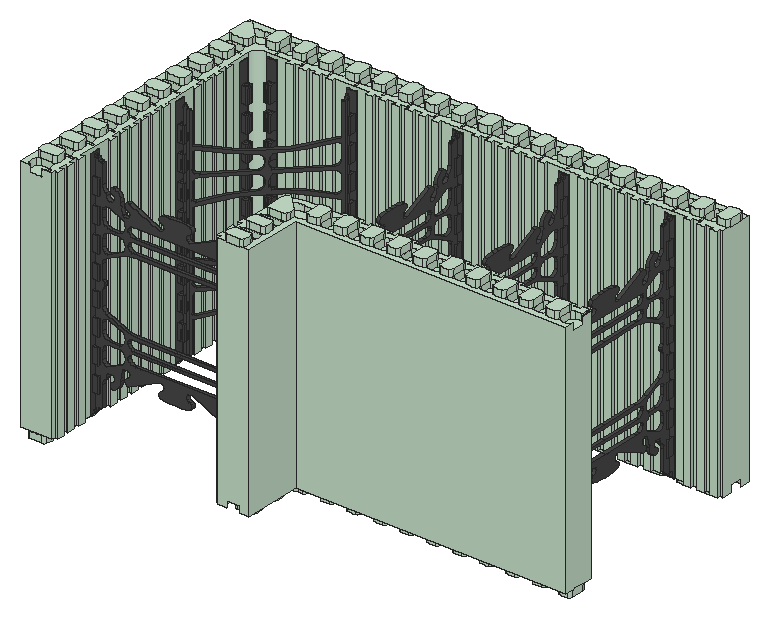
Revit family
Reference planes (in)
  plane 1 "Center (Front/Back)": y = 0
  plane 2: z = 0
  plane 3 "Center (Left/Right)": x = 0
  plane 4: y = -6
  plane 5: y = 6
  plane 6: x = 6
  plane 7: x = -6
  plane 8: x = 29
  plane 9: y = -13
  plane 10: z = 18
  plane 11: x = 8.625
  plane 12: x = -8.625
  plane 13: y = 8.625
Forms (in)
  Extrusion 1, solid, material "NUDURA Expanded Polystyrene Foam Insulation"
    sketch origin (0, 0, 0) x (1, 0, 0) y (0, 1, 0)
      loop
        line (-8.625, 8.625) -> (-8.625, -13) -> (-6.25, -13) -> (-6.25, -12.71883) -> (-6, -12.78117) -> (-6, -12.21883) -> (-6.25, -12.28117) -> (-6.25, -11.71883) -> (-6, -11.78117) -> (-6, -11.21883) -> (-6.25, -11.28117) -> (-6.25, -10.71883) -> (-6, -10.78117) -> (-6, -10.21883) -> (-6.25, -10.28117) -> (-6.25, -7.71883) -> (-6, -7.78117) -> (-6, -7.21883) -> (-6.25, -7.28117) -> (-6.25, -6.71883) -> (-6, -6.78117) -> (-6, -6.21883) -> (-6.25, -6.28117) -> (-6.25, -5.71883) -> (-6, -5.78117) -> (-6, -5.21883) -> (-6.25, -5.28117) -> (-6.25, -4.71883) -> (-6, -4.78117) -> (-6, -4.21883) -> (-6.25, -4.28117) -> (-6.25, -3.71883) -> (-6, -3.78117) -> (-6, -3.21883) -> (-6.25, -3.28117) -> (-6.25, -2.71883) -> (-6, -2.78117) -> (-6, -2.21883) -> (-6.25, -2.28117) -> (-6.25, 0.28117) -> (-6, 0.21883) -> (-6, 0.78117) -> (-6.25, 0.71883) -> (-6.25, 1.28117) -> (-6, 1.21883) -> (-6, 1.78117) -> (-6.25, 1.71883) -> (-6.25, 2.28117) -> (-6, 2.21883) -> (-6, 2.78117) -> (-6.25, 2.71883) -> (-6.25, 3.28117) -> (-6, 3.21883) -> (-6, 3.78117) -> (-6.25, 3.71883) -> (-6.25, 5.51944)
        arc (-6.25, 5.51944) -> (-6.02357, 6.03725) -> (-5.5, 6.25) r 0.75
        line (-5.5, 6.25) -> (-3.71883, 6.25) -> (-3.78117, 6) -> (-3.21883, 6) -> (-3.28117, 6.25) -> (-2.71883, 6.25) -> (-2.78117, 6) -> (-2.21883, 6) -> (-2.28117, 6.25) -> (-1.71883, 6.25) -> (-1.78117, 6) -> (-1.21883, 6) -> (-1.28117, 6.25) -> (-0.71883, 6.25) -> (-0.78117, 6) -> (-0.21883, 6) -> (-0.28117, 6.25) -> (2.28117, 6.25) -> (2.21883, 6) -> (2.78117, 6) -> (2.71883, 6.25) -> (3.28117, 6.25) -> (3.21883, 6) -> (3.78117, 6) -> (3.71883, 6.25) -> (4.28117, 6.25) -> (4.21883, 6) -> (4.78117, 6) -> (4.71883, 6.25) -> (5.28117, 6.25) -> (5.21883, 6) -> (5.78117, 6) -> (5.71883, 6.25) -> (6.28117, 6.25) -> (6.21883, 6) -> (6.78117, 6) -> (6.71883, 6.25) -> (7.28117, 6.25) -> (7.21883, 6) -> (7.78117, 6) -> (7.71883, 6.25) -> (10.28117, 6.25) -> (10.21883, 6) -> (10.78117, 6) -> (10.71883, 6.25) -> (11.28117, 6.25) -> (11.21883, 6) -> (11.78117, 6) -> (11.71883, 6.25) -> (12.28117, 6.25) -> (12.21883, 6) -> (12.78117, 6) -> (12.71883, 6.25) -> (13.28117, 6.25) -> (13.21883, 6) -> (13.78117, 6) -> (13.71883, 6.25) -> (14.28117, 6.25) -> (14.21883, 6) -> (14.78117, 6) -> (14.71883, 6.25) -> (15.28117, 6.25) -> (15.21883, 6) -> (15.78117, 6) -> (15.71883, 6.25) -> (18.28117, 6.25) -> (18.21883, 6) -> (18.78117, 6) -> (18.71883, 6.25) -> (19.28117, 6.25) -> (19.21883, 6) -> (19.78117, 6) -> (19.71883, 6.25) -> (20.28117, 6.25) -> (20.21883, 6) -> (20.78117, 6) -> (20.71883, 6.25) -> (21.28117, 6.25) -> (21.21883, 6) -> (21.78117, 6) -> (21.71883, 6.25) -> (22.28117, 6.25) -> (22.21883, 6) -> (22.78117, 6) -> (22.71883, 6.25) -> (23.28117, 6.25) -> (23.21883, 6) -> (23.78117, 6) -> (23.71883, 6.25) -> (26.28117, 6.25) -> (26.21883, 6) -> (26.78117, 6) -> (26.71883, 6.25) -> (27.28117, 6.25) -> (27.21883, 6) -> (27.78117, 6) -> (27.71883, 6.25) -> (28.28117, 6.25) -> (28.21883, 6) -> (28.78117, 6) -> (28.71883, 6.25) -> (29, 6.25) -> (29, 8.625) -> (-8.625, 8.625)
      loop
        line (8.625, -8.625) -> (29, -8.625) -> (29, -6.25) -> (28.71883, -6.25) -> (28.78117, -6) -> (28.21883, -6) -> (28.28117, -6.25) -> (27.71883, -6.25) -> (27.78117, -6) -> (27.21883, -6) -> (27.28117, -6.25) -> (26.71883, -6.25) -> (26.78117, -6) -> (26.21883, -6) -> (26.28117, -6.25) -> (23.71883, -6.25) -> (23.78117, -6) -> (23.21883, -6) -> (23.28117, -6.25) -> (22.71883, -6.25) -> (22.78117, -6) -> (22.21883, -6) -> (22.28117, -6.25) -> (21.71883, -6.25) -> (21.78117, -6) -> (21.21883, -6) -> (21.28117, -6.25) -> (20.71883, -6.25) -> (20.78117, -6) -> (20.21883, -6) -> (20.28117, -6.25) -> (19.71883, -6.25) -> (19.78117, -6) -> (19.21883, -6) -> (19.28117, -6.25) -> (18.71883, -6.25) -> (18.78117, -6) -> (18.21883, -6) -> (18.28117, -6.25) -> (15.71883, -6.25) -> (15.78117, -6) -> (15.21883, -6) -> (15.28117, -6.25) -> (14.71883, -6.25) -> (14.78117, -6) -> (14.21883, -6) -> (14.28117, -6.25) -> (13.71883, -6.25) -> (13.78117, -6) -> (13.21883, -6) -> (13.28117, -6.25) -> (12.71883, -6.25) -> (12.78117, -6) -> (12.21883, -6) -> (12.28117, -6.25) -> (11.71883, -6.25) -> (11.78117, -6) -> (11.21883, -6) -> (11.28117, -6.25) -> (10.71883, -6.25) -> (10.78117, -6) -> (10.21883, -6) -> (10.28117, -6.25) -> (7.5, -6.25)
        arc (7.5, -6.25) -> (6.61612, -6.61612) -> (6.25, -7.5) r 1.25
        line (6.25, -7.5) -> (6.25, -10.28117) -> (6, -10.21883) -> (6, -10.78117) -> (6.25, -10.71883) -> (6.25, -11.28117) -> (6, -11.21883) -> (6, -11.78117) -> (6.25, -11.71883) -> (6.25, -12.28117) -> (6, -12.21883) -> (6, -12.78117) -> (6.25, -12.71883) -> (6.25, -13) -> (8.625, -13) -> (8.625, -8.625)
    from 0 to 18
  Extrusion 2, solid, material "NUDURA Expanded Polystyrene Foam Insulation"
    sketch origin (3, -3, 0) x (1, 0, 0) y (0, 1, 0)
      loop
        arc (3.6875, -5.5) -> (3.70047, -5.66548) -> (3.73905, -5.82692) r 1.0625
        arc (3.73905, -5.82692) -> (3.82983, -5.95215) -> (3.97692, -6) r 0.25
        line (3.97692, -6) -> (4.89808, -6)
        arc (4.89808, -6) -> (5.04517, -5.95215) -> (5.13595, -5.82692) r 0.25
        arc (5.13595, -5.82692) -> (5.17453, -5.66548) -> (5.1875, -5.5) r 1.0625
        line (5.1875, -5.5) -> (5.1875, -5.1875) -> (3.98039, -3.98039)
        arc (3.98039, -3.98039) -> (3.76362, -4.30482) -> (3.6875, -4.6875) r 1
        line (3.6875, -4.6875) -> (3.6875, -5.5)
    from 18 to 18.5
  Extrusion 3, solid, material "NUDURA Expanded Polystyrene Foam Insulation"
    sketch origin (-3, 3, 0) x (1, 0, 0) y (0, 1, 0)
      loop
        arc (-3.97692, 3) -> (-3.82983, 3.04785) -> (-3.73905, 3.17308) r 0.25
        arc (-3.73905, 3.17308) -> (-3.70047, 3.33452) -> (-3.6875, 3.5) r 1.0625
        line (-3.6875, 3.5) -> (-3.6875, 3.6875) -> (-4.89461, 4.89461)
        arc (-4.89461, 4.89461) -> (-5.11138, 4.57018) -> (-5.1875, 4.1875) r 1
        line (-5.1875, 4.1875) -> (-5.1875, 3.5)
        arc (-5.1875, 3.5) -> (-5.17453, 3.33452) -> (-5.13595, 3.17308) r 1.0625
        arc (-5.13595, 3.17308) -> (-5.04517, 3.04785) -> (-4.89808, 3) r 0.25
        line (-4.89808, 3) -> (-3.97692, 3)
    from 18 to 18.5
  Extrusion 4, void
    sketch origin (-3, 3, 0) x (1, 0, 0) y (0, 1, 0)
      loop
        arc (-5.13595, -9.82692) -> (-5.04517, -9.95215) -> (-4.89808, -10) r 0.25
        line (-4.89808, -10) -> (-3.97692, -10)
        arc (-3.97692, -10) -> (-3.88568, -9.98276) -> (-3.80702, -9.9334) r 0.25
        arc (-3.80702, -9.9334) -> (-3.78736, -9.92106) -> (-3.76455, -9.91675) r 0.0625
        line (-3.76455, -9.91675) -> (-3.41845, -9.91675) -> (-3.41845, -9.74592) -> (-3.64005, -9.74592)
        arc (-3.64005, -9.74592) -> (-3.68771, -9.72385) -> (-3.70172, -9.67323) r 0.0625
        arc (-3.70172, -9.67323) -> (-3.69045, -9.42092) -> (-3.73905, -9.17308) r 1.0625
        arc (-3.73905, -9.17308) -> (-3.82983, -9.04785) -> (-3.97692, -9) r 0.25
        line (-3.97692, -9) -> (-4.89808, -9)
        arc (-4.89808, -9) -> (-5.04517, -9.04785) -> (-5.13595, -9.17308) r 0.25
        arc (-5.13595, -9.17308) -> (-5.1875, -9.5) -> (-5.13595, -9.82692) r 1.0625
    from 18 to 17.5
  Extrusion 5, void
    sketch origin (-3, 5, 0) x (1, 0, 0) y (0, 1, 0)
      loop
        arc (-5.13595, -9.82692) -> (-5.04517, -9.95215) -> (-4.89808, -10) r 0.25
        line (-4.89808, -10) -> (-3.97692, -10)
        arc (-3.97692, -10) -> (-3.88568, -9.98276) -> (-3.80702, -9.9334) r 0.25
        arc (-3.80702, -9.9334) -> (-3.78736, -9.92106) -> (-3.76455, -9.91675) r 0.0625
        line (-3.76455, -9.91675) -> (-3.41845, -9.91675) -> (-3.41845, -9.74592) -> (-3.64005, -9.74592)
        arc (-3.64005, -9.74592) -> (-3.68771, -9.72385) -> (-3.70172, -9.67323) r 0.0625
        arc (-3.70172, -9.67323) -> (-3.69045, -9.42092) -> (-3.73905, -9.17308) r 1.0625
        arc (-3.73905, -9.17308) -> (-3.82983, -9.04785) -> (-3.97692, -9) r 0.25
        line (-3.97692, -9) -> (-4.89808, -9)
        arc (-4.89808, -9) -> (-5.04517, -9.04785) -> (-5.13595, -9.17308) r 0.25
        arc (-5.13595, -9.17308) -> (-5.1875, -9.5) -> (-5.13595, -9.82692) r 1.0625
    from 18 to 17.5
  Extrusion 6, void
    sketch origin (-3, 7, 0) x (1, 0, 0) y (0, 1, 0)
      loop
        arc (-5.13595, -9.82692) -> (-5.04517, -9.95215) -> (-4.89808, -10) r 0.25
        line (-4.89808, -10) -> (-3.97692, -10)
        arc (-3.97692, -10) -> (-3.88568, -9.98276) -> (-3.80702, -9.9334) r 0.25
        arc (-3.80702, -9.9334) -> (-3.78736, -9.92106) -> (-3.76455, -9.91675) r 0.0625
        line (-3.76455, -9.91675) -> (-3.41845, -9.91675) -> (-3.41845, -9.74592) -> (-3.64005, -9.74592)
        arc (-3.64005, -9.74592) -> (-3.68771, -9.72385) -> (-3.70172, -9.67323) r 0.0625
        arc (-3.70172, -9.67323) -> (-3.69045, -9.42092) -> (-3.73905, -9.17308) r 1.0625
        arc (-3.73905, -9.17308) -> (-3.82983, -9.04785) -> (-3.97692, -9) r 0.25
        line (-3.97692, -9) -> (-4.89808, -9)
        arc (-4.89808, -9) -> (-5.04517, -9.04785) -> (-5.13595, -9.17308) r 0.25
        arc (-5.13595, -9.17308) -> (-5.1875, -9.5) -> (-5.13595, -9.82692) r 1.0625
    from 18 to 17.5
  Extrusion 7, void
    sketch origin (-3, 9, 0) x (1, 0, 0) y (0, 1, 0)
      loop
        arc (-5.13595, -9.82692) -> (-5.04517, -9.95215) -> (-4.89808, -10) r 0.25
        line (-4.89808, -10) -> (-3.97692, -10)
        arc (-3.97692, -10) -> (-3.88568, -9.98276) -> (-3.80702, -9.9334) r 0.25
        arc (-3.80702, -9.9334) -> (-3.78736, -9.92106) -> (-3.76455, -9.91675) r 0.0625
        line (-3.76455, -9.91675) -> (-3.41845, -9.91675) -> (-3.41845, -9.74592) -> (-3.64005, -9.74592)
        arc (-3.64005, -9.74592) -> (-3.68771, -9.72385) -> (-3.70172, -9.67323) r 0.0625
        arc (-3.70172, -9.67323) -> (-3.69045, -9.42092) -> (-3.73905, -9.17308) r 1.0625
        arc (-3.73905, -9.17308) -> (-3.82983, -9.04785) -> (-3.97692, -9) r 0.25
        line (-3.97692, -9) -> (-4.89808, -9)
        arc (-4.89808, -9) -> (-5.04517, -9.04785) -> (-5.13595, -9.17308) r 0.25
        arc (-5.13595, -9.17308) -> (-5.1875, -9.5) -> (-5.13595, -9.82692) r 1.0625
    from 18 to 17.5
  Extrusion 8, void
    sketch origin (-3, 11, 0) x (1, 0, 0) y (0, 1, 0)
      loop
        arc (-5.13595, -9.82692) -> (-5.04517, -9.95215) -> (-4.89808, -10) r 0.25
        line (-4.89808, -10) -> (-3.97692, -10)
        arc (-3.97692, -10) -> (-3.88568, -9.98276) -> (-3.80702, -9.9334) r 0.25
        arc (-3.80702, -9.9334) -> (-3.78736, -9.92106) -> (-3.76455, -9.91675) r 0.0625
        line (-3.76455, -9.91675) -> (-3.41845, -9.91675) -> (-3.41845, -9.74592) -> (-3.64005, -9.74592)
        arc (-3.64005, -9.74592) -> (-3.68771, -9.72385) -> (-3.70172, -9.67323) r 0.0625
        arc (-3.70172, -9.67323) -> (-3.69045, -9.42092) -> (-3.73905, -9.17308) r 1.0625
        arc (-3.73905, -9.17308) -> (-3.82983, -9.04785) -> (-3.97692, -9) r 0.25
        line (-3.97692, -9) -> (-4.89808, -9)
        arc (-4.89808, -9) -> (-5.04517, -9.04785) -> (-5.13595, -9.17308) r 0.25
        arc (-5.13595, -9.17308) -> (-5.1875, -9.5) -> (-5.13595, -9.82692) r 1.0625
    from 18 to 17.5
  Extrusion 9, void
    sketch origin (-3, 13, 0) x (1, 0, 0) y (0, 1, 0)
      loop
        arc (-5.13595, -9.82692) -> (-5.04517, -9.95215) -> (-4.89808, -10) r 0.25
        line (-4.89808, -10) -> (-3.97692, -10)
        arc (-3.97692, -10) -> (-3.88568, -9.98276) -> (-3.80702, -9.9334) r 0.25
        arc (-3.80702, -9.9334) -> (-3.78736, -9.92106) -> (-3.76455, -9.91675) r 0.0625
        line (-3.76455, -9.91675) -> (-3.41845, -9.91675) -> (-3.41845, -9.74592) -> (-3.64005, -9.74592)
        arc (-3.64005, -9.74592) -> (-3.68771, -9.72385) -> (-3.70172, -9.67323) r 0.0625
        arc (-3.70172, -9.67323) -> (-3.69045, -9.42092) -> (-3.73905, -9.17308) r 1.0625
        arc (-3.73905, -9.17308) -> (-3.82983, -9.04785) -> (-3.97692, -9) r 0.25
        line (-3.97692, -9) -> (-4.89808, -9)
        arc (-4.89808, -9) -> (-5.04517, -9.04785) -> (-5.13595, -9.17308) r 0.25
        arc (-5.13595, -9.17308) -> (-5.1875, -9.5) -> (-5.13595, -9.82692) r 1.0625
    from 18 to 17.5
  Extrusion 10, void
    sketch origin (-3, 15, 0) x (1, 0, 0) y (0, 1, 0)
      loop
        arc (-5.13595, -9.82692) -> (-5.04517, -9.95215) -> (-4.89808, -10) r 0.25
        line (-4.89808, -10) -> (-3.97692, -10)
        arc (-3.97692, -10) -> (-3.88568, -9.98276) -> (-3.80702, -9.9334) r 0.25
        arc (-3.80702, -9.9334) -> (-3.78736, -9.92106) -> (-3.76455, -9.91675) r 0.0625
        line (-3.76455, -9.91675) -> (-3.41845, -9.91675) -> (-3.41845, -9.74592) -> (-3.64005, -9.74592)
        arc (-3.64005, -9.74592) -> (-3.68771, -9.72385) -> (-3.70172, -9.67323) r 0.0625
        arc (-3.70172, -9.67323) -> (-3.69045, -9.42092) -> (-3.73905, -9.17308) r 1.0625
        arc (-3.73905, -9.17308) -> (-3.82983, -9.04785) -> (-3.97692, -9) r 0.25
        line (-3.97692, -9) -> (-4.89808, -9)
        arc (-4.89808, -9) -> (-5.04517, -9.04785) -> (-5.13595, -9.17308) r 0.25
        arc (-5.13595, -9.17308) -> (-5.1875, -9.5) -> (-5.13595, -9.82692) r 1.0625
    from 18 to 17.5
  Extrusion 11, void
    sketch origin (3, -3, 0) x (1, 0, 0) y (0, 1, 0)
      loop
        line (3.97692, -9) -> (4.89808, -9)
        arc (4.89808, -9) -> (5.04517, -8.95215) -> (5.13595, -8.82692) r 0.25
        arc (5.13595, -8.82692) -> (5.1875, -8.5) -> (5.13595, -8.17308) r 1.0625
        arc (5.13595, -8.17308) -> (5.04517, -8.04785) -> (4.89808, -8) r 0.25
        line (4.89808, -8) -> (3.97692, -8)
        arc (3.97692, -8) -> (3.88568, -8.01724) -> (3.80702, -8.0666) r 0.25
        arc (3.80702, -8.0666) -> (3.78736, -8.07894) -> (3.76455, -8.08325) r 0.0625
        line (3.76455, -8.08325) -> (3.41845, -8.08325) -> (3.41845, -8.25408) -> (3.64005, -8.25408)
        arc (3.64005, -8.25408) -> (3.68771, -8.27615) -> (3.70172, -8.32677) r 0.0625
        arc (3.70172, -8.32677) -> (3.69045, -8.57908) -> (3.73905, -8.82692) r 1.0625
        arc (3.73905, -8.82692) -> (3.82983, -8.95215) -> (3.97692, -9) r 0.25
    from 18 to 17.5
  Extrusion 12, void
    sketch origin (3, -1, 0) x (1, 0, 0) y (0, 1, 0)
      loop
        line (3.97692, -9) -> (4.89808, -9)
        arc (4.89808, -9) -> (5.04517, -8.95215) -> (5.13595, -8.82692) r 0.25
        arc (5.13595, -8.82692) -> (5.1875, -8.5) -> (5.13595, -8.17308) r 1.0625
        arc (5.13595, -8.17308) -> (5.04517, -8.04785) -> (4.89808, -8) r 0.25
        line (4.89808, -8) -> (3.97692, -8)
        arc (3.97692, -8) -> (3.88568, -8.01724) -> (3.80702, -8.0666) r 0.25
        arc (3.80702, -8.0666) -> (3.78736, -8.07894) -> (3.76455, -8.08325) r 0.0625
        line (3.76455, -8.08325) -> (3.41845, -8.08325) -> (3.41845, -8.25408) -> (3.64005, -8.25408)
        arc (3.64005, -8.25408) -> (3.68771, -8.27615) -> (3.70172, -8.32677) r 0.0625
        arc (3.70172, -8.32677) -> (3.69045, -8.57908) -> (3.73905, -8.82692) r 1.0625
        arc (3.73905, -8.82692) -> (3.82983, -8.95215) -> (3.97692, -9) r 0.25
    from 18 to 17.5
  Extrusion 13, void
    sketch origin (-3, 3, 0) x (1, 0, 0) y (0, 1, 0)
      loop
        arc (-4.1875, 5.1875) -> (-4.57018, 5.11138) -> (-4.89461, 4.89461) r 1
        line (-4.89461, 4.89461) -> (-3.6875, 3.6875) -> (-3.5, 3.6875)
        arc (-3.5, 3.6875) -> (-3.33452, 3.70047) -> (-3.17308, 3.73905) r 1.0625
        arc (-3.17308, 3.73905) -> (-3.04785, 3.82983) -> (-3, 3.97692) r 0.25
        line (-3, 3.97692) -> (-3, 4.89808)
        arc (-3, 4.89808) -> (-3.04785, 5.04517) -> (-3.17308, 5.13595) r 0.25
        arc (-3.17308, 5.13595) -> (-3.33452, 5.17453) -> (-3.5, 5.1875) r 1.0625
        line (-3.5, 5.1875) -> (-4.1875, 5.1875)
    from 18 to 17.5
  Extrusion 14, void
    sketch origin (3, -3, 0) x (1, 0, 0) y (0, 1, 0)
      loop
        arc (4.6875, -3.6875) -> (4.30482, -3.76362) -> (3.98039, -3.98039) r 1
        line (3.98039, -3.98039) -> (5.1875, -5.1875) -> (5.5, -5.1875)
        arc (5.5, -5.1875) -> (5.66548, -5.17453) -> (5.82692, -5.13595) r 1.0625
        arc (5.82692, -5.13595) -> (5.95215, -5.04517) -> (6, -4.89808) r 0.25
        line (6, -4.89808) -> (6, -3.97692)
        arc (6, -3.97692) -> (5.98276, -3.88568) -> (5.9334, -3.80702) r 0.25
        arc (5.9334, -3.80702) -> (5.92106, -3.78736) -> (5.91675, -3.76455) r 0.0625
        line (5.91675, -3.76455) -> (5.91675, -3.41845) -> (5.74592, -3.41845) -> (5.74592, -3.64005)
        arc (5.74592, -3.64005) -> (5.72385, -3.68771) -> (5.67323, -3.70172) r 0.0625
        arc (5.67323, -3.70172) -> (5.58691, -3.69106) -> (5.5, -3.6875) r 1.0625
        line (5.5, -3.6875) -> (4.6875, -3.6875)
    from 18 to 17.5
  Extrusion 15, void
    sketch origin (3, -3, 0) x (1, 0, 0) y (0, 1, 0)
      loop
        line (7, -3.97692) -> (7, -4.89808)
        arc (7, -4.89808) -> (7.04785, -5.04517) -> (7.17308, -5.13595) r 0.25
        arc (7.17308, -5.13595) -> (7.5, -5.1875) -> (7.82692, -5.13595) r 1.0625
        arc (7.82692, -5.13595) -> (7.95215, -5.04517) -> (8, -4.89808) r 0.25
        line (8, -4.89808) -> (8, -3.97692)
        arc (8, -3.97692) -> (7.98276, -3.88568) -> (7.9334, -3.80702) r 0.25
        arc (7.9334, -3.80702) -> (7.92106, -3.78736) -> (7.91675, -3.76455) r 0.0625
        line (7.91675, -3.76455) -> (7.91675, -3.41845) -> (7.74592, -3.41845) -> (7.74592, -3.64005)
        arc (7.74592, -3.64005) -> (7.72385, -3.68771) -> (7.67323, -3.70172) r 0.0625
        arc (7.67323, -3.70172) -> (7.42092, -3.69045) -> (7.17308, -3.73905) r 1.0625
        arc (7.17308, -3.73905) -> (7.04785, -3.82983) -> (7, -3.97692) r 0.25
    from 18 to 17.5
  Extrusion 16, void
    sketch origin (5, -3, 0) x (1, 0, 0) y (0, 1, 0)
      loop
        line (7, -3.97692) -> (7, -4.89808)
        arc (7, -4.89808) -> (7.04785, -5.04517) -> (7.17308, -5.13595) r 0.25
        arc (7.17308, -5.13595) -> (7.5, -5.1875) -> (7.82692, -5.13595) r 1.0625
        arc (7.82692, -5.13595) -> (7.95215, -5.04517) -> (8, -4.89808) r 0.25
        line (8, -4.89808) -> (8, -3.97692)
        arc (8, -3.97692) -> (7.98276, -3.88568) -> (7.9334, -3.80702) r 0.25
        arc (7.9334, -3.80702) -> (7.92106, -3.78736) -> (7.91675, -3.76455) r 0.0625
        line (7.91675, -3.76455) -> (7.91675, -3.41845) -> (7.74592, -3.41845) -> (7.74592, -3.64005)
        arc (7.74592, -3.64005) -> (7.72385, -3.68771) -> (7.67323, -3.70172) r 0.0625
        arc (7.67323, -3.70172) -> (7.42092, -3.69045) -> (7.17308, -3.73905) r 1.0625
        arc (7.17308, -3.73905) -> (7.04785, -3.82983) -> (7, -3.97692) r 0.25
    from 18 to 17.5
  Extrusion 17, void
    sketch origin (7, -3, 0) x (1, 0, 0) y (0, 1, 0)
      loop
        line (7, -3.97692) -> (7, -4.89808)
        arc (7, -4.89808) -> (7.04785, -5.04517) -> (7.17308, -5.13595) r 0.25
        arc (7.17308, -5.13595) -> (7.5, -5.1875) -> (7.82692, -5.13595) r 1.0625
        arc (7.82692, -5.13595) -> (7.95215, -5.04517) -> (8, -4.89808) r 0.25
        line (8, -4.89808) -> (8, -3.97692)
        arc (8, -3.97692) -> (7.98276, -3.88568) -> (7.9334, -3.80702) r 0.25
        arc (7.9334, -3.80702) -> (7.92106, -3.78736) -> (7.91675, -3.76455) r 0.0625
        line (7.91675, -3.76455) -> (7.91675, -3.41845) -> (7.74592, -3.41845) -> (7.74592, -3.64005)
        arc (7.74592, -3.64005) -> (7.72385, -3.68771) -> (7.67323, -3.70172) r 0.0625
        arc (7.67323, -3.70172) -> (7.42092, -3.69045) -> (7.17308, -3.73905) r 1.0625
        arc (7.17308, -3.73905) -> (7.04785, -3.82983) -> (7, -3.97692) r 0.25
    from 18 to 17.5
  Extrusion 18, void
    sketch origin (9, -3, 0) x (1, 0, 0) y (0, 1, 0)
      loop
        line (7, -3.97692) -> (7, -4.89808)
        arc (7, -4.89808) -> (7.04785, -5.04517) -> (7.17308, -5.13595) r 0.25
        arc (7.17308, -5.13595) -> (7.5, -5.1875) -> (7.82692, -5.13595) r 1.0625
        arc (7.82692, -5.13595) -> (7.95215, -5.04517) -> (8, -4.89808) r 0.25
        line (8, -4.89808) -> (8, -3.97692)
        arc (8, -3.97692) -> (7.98276, -3.88568) -> (7.9334, -3.80702) r 0.25
        arc (7.9334, -3.80702) -> (7.92106, -3.78736) -> (7.91675, -3.76455) r 0.0625
        line (7.91675, -3.76455) -> (7.91675, -3.41845) -> (7.74592, -3.41845) -> (7.74592, -3.64005)
        arc (7.74592, -3.64005) -> (7.72385, -3.68771) -> (7.67323, -3.70172) r 0.0625
        arc (7.67323, -3.70172) -> (7.42092, -3.69045) -> (7.17308, -3.73905) r 1.0625
        arc (7.17308, -3.73905) -> (7.04785, -3.82983) -> (7, -3.97692) r 0.25
    from 18 to 17.5
  Extrusion 19, void
    sketch origin (11, -3, 0) x (1, 0, 0) y (0, 1, 0)
      loop
        line (7, -3.97692) -> (7, -4.89808)
        arc (7, -4.89808) -> (7.04785, -5.04517) -> (7.17308, -5.13595) r 0.25
        arc (7.17308, -5.13595) -> (7.5, -5.1875) -> (7.82692, -5.13595) r 1.0625
        arc (7.82692, -5.13595) -> (7.95215, -5.04517) -> (8, -4.89808) r 0.25
        line (8, -4.89808) -> (8, -3.97692)
        arc (8, -3.97692) -> (7.98276, -3.88568) -> (7.9334, -3.80702) r 0.25
        arc (7.9334, -3.80702) -> (7.92106, -3.78736) -> (7.91675, -3.76455) r 0.0625
        line (7.91675, -3.76455) -> (7.91675, -3.41845) -> (7.74592, -3.41845) -> (7.74592, -3.64005)
        arc (7.74592, -3.64005) -> (7.72385, -3.68771) -> (7.67323, -3.70172) r 0.0625
        arc (7.67323, -3.70172) -> (7.42092, -3.69045) -> (7.17308, -3.73905) r 1.0625
        arc (7.17308, -3.73905) -> (7.04785, -3.82983) -> (7, -3.97692) r 0.25
    from 18 to 17.5
  Extrusion 20, void
    sketch origin (13, -3, 0) x (1, 0, 0) y (0, 1, 0)
      loop
        line (7, -3.97692) -> (7, -4.89808)
        arc (7, -4.89808) -> (7.04785, -5.04517) -> (7.17308, -5.13595) r 0.25
        arc (7.17308, -5.13595) -> (7.5, -5.1875) -> (7.82692, -5.13595) r 1.0625
        arc (7.82692, -5.13595) -> (7.95215, -5.04517) -> (8, -4.89808) r 0.25
        line (8, -4.89808) -> (8, -3.97692)
        arc (8, -3.97692) -> (7.98276, -3.88568) -> (7.9334, -3.80702) r 0.25
        arc (7.9334, -3.80702) -> (7.92106, -3.78736) -> (7.91675, -3.76455) r 0.0625
        line (7.91675, -3.76455) -> (7.91675, -3.41845) -> (7.74592, -3.41845) -> (7.74592, -3.64005)
        arc (7.74592, -3.64005) -> (7.72385, -3.68771) -> (7.67323, -3.70172) r 0.0625
        arc (7.67323, -3.70172) -> (7.42092, -3.69045) -> (7.17308, -3.73905) r 1.0625
        arc (7.17308, -3.73905) -> (7.04785, -3.82983) -> (7, -3.97692) r 0.25
    from 18 to 17.5
  Extrusion 21, void
    sketch origin (15, -3, 0) x (1, 0, 0) y (0, 1, 0)
      loop
        line (7, -3.97692) -> (7, -4.89808)
        arc (7, -4.89808) -> (7.04785, -5.04517) -> (7.17308, -5.13595) r 0.25
        arc (7.17308, -5.13595) -> (7.5, -5.1875) -> (7.82692, -5.13595) r 1.0625
        arc (7.82692, -5.13595) -> (7.95215, -5.04517) -> (8, -4.89808) r 0.25
        line (8, -4.89808) -> (8, -3.97692)
        arc (8, -3.97692) -> (7.98276, -3.88568) -> (7.9334, -3.80702) r 0.25
        arc (7.9334, -3.80702) -> (7.92106, -3.78736) -> (7.91675, -3.76455) r 0.0625
        line (7.91675, -3.76455) -> (7.91675, -3.41845) -> (7.74592, -3.41845) -> (7.74592, -3.64005)
        arc (7.74592, -3.64005) -> (7.72385, -3.68771) -> (7.67323, -3.70172) r 0.0625
        arc (7.67323, -3.70172) -> (7.42092, -3.69045) -> (7.17308, -3.73905) r 1.0625
        arc (7.17308, -3.73905) -> (7.04785, -3.82983) -> (7, -3.97692) r 0.25
    from 18 to 17.5
  Extrusion 22, void
    sketch origin (17, -3, 0) x (1, 0, 0) y (0, 1, 0)
      loop
        line (7, -3.97692) -> (7, -4.89808)
        arc (7, -4.89808) -> (7.04785, -5.04517) -> (7.17308, -5.13595) r 0.25
        arc (7.17308, -5.13595) -> (7.5, -5.1875) -> (7.82692, -5.13595) r 1.0625
        arc (7.82692, -5.13595) -> (7.95215, -5.04517) -> (8, -4.89808) r 0.25
        line (8, -4.89808) -> (8, -3.97692)
        arc (8, -3.97692) -> (7.98276, -3.88568) -> (7.9334, -3.80702) r 0.25
        arc (7.9334, -3.80702) -> (7.92106, -3.78736) -> (7.91675, -3.76455) r 0.0625
        line (7.91675, -3.76455) -> (7.91675, -3.41845) -> (7.74592, -3.41845) -> (7.74592, -3.64005)
        arc (7.74592, -3.64005) -> (7.72385, -3.68771) -> (7.67323, -3.70172) r 0.0625
        arc (7.67323, -3.70172) -> (7.42092, -3.69045) -> (7.17308, -3.73905) r 1.0625
        arc (7.17308, -3.73905) -> (7.04785, -3.82983) -> (7, -3.97692) r 0.25
    from 18 to 17.5
  Extrusion 23, void
    sketch origin (19, -3, 0) x (1, 0, 0) y (0, 1, 0)
      loop
        line (7, -3.97692) -> (7, -4.89808)
        arc (7, -4.89808) -> (7.04785, -5.04517) -> (7.17308, -5.13595) r 0.25
        arc (7.17308, -5.13595) -> (7.5, -5.1875) -> (7.82692, -5.13595) r 1.0625
        arc (7.82692, -5.13595) -> (7.95215, -5.04517) -> (8, -4.89808) r 0.25
        line (8, -4.89808) -> (8, -3.97692)
        arc (8, -3.97692) -> (7.98276, -3.88568) -> (7.9334, -3.80702) r 0.25
        arc (7.9334, -3.80702) -> (7.92106, -3.78736) -> (7.91675, -3.76455) r 0.0625
        line (7.91675, -3.76455) -> (7.91675, -3.41845) -> (7.74592, -3.41845) -> (7.74592, -3.64005)
        arc (7.74592, -3.64005) -> (7.72385, -3.68771) -> (7.67323, -3.70172) r 0.0625
        arc (7.67323, -3.70172) -> (7.42092, -3.69045) -> (7.17308, -3.73905) r 1.0625
        arc (7.17308, -3.73905) -> (7.04785, -3.82983) -> (7, -3.97692) r 0.25
    from 18 to 17.5
  Extrusion 24, void
    sketch origin (21, -3, 0) x (1, 0, 0) y (0, 1, 0)
      loop
        line (7, -3.97692) -> (7, -4.89808)
        arc (7, -4.89808) -> (7.04785, -5.04517) -> (7.17308, -5.13595) r 0.25
        arc (7.17308, -5.13595) -> (7.5, -5.1875) -> (7.82692, -5.13595) r 1.0625
        arc (7.82692, -5.13595) -> (7.95215, -5.04517) -> (8, -4.89808) r 0.25
        line (8, -4.89808) -> (8, -3.97692)
        arc (8, -3.97692) -> (7.98276, -3.88568) -> (7.9334, -3.80702) r 0.25
        arc (7.9334, -3.80702) -> (7.92106, -3.78736) -> (7.91675, -3.76455) r 0.0625
        line (7.91675, -3.76455) -> (7.91675, -3.41845) -> (7.74592, -3.41845) -> (7.74592, -3.64005)
        arc (7.74592, -3.64005) -> (7.72385, -3.68771) -> (7.67323, -3.70172) r 0.0625
        arc (7.67323, -3.70172) -> (7.42092, -3.69045) -> (7.17308, -3.73905) r 1.0625
        arc (7.17308, -3.73905) -> (7.04785, -3.82983) -> (7, -3.97692) r 0.25
    from 18 to 17.5
  Extrusion 25, void
    sketch origin (-3, 3, 0) x (1, 0, 0) y (0, 1, 0)
      loop
        arc (-1.82692, 5.13595) -> (-1.95215, 5.04517) -> (-2, 4.89808) r 0.25
        line (-2, 4.89808) -> (-2, 3.97692)
        arc (-2, 3.97692) -> (-1.98276, 3.88568) -> (-1.9334, 3.80702) r 0.25
        arc (-1.9334, 3.80702) -> (-1.92106, 3.78736) -> (-1.91675, 3.76455) r 0.0625
        line (-1.91675, 3.76455) -> (-1.91675, 3.41845) -> (-1.74592, 3.41845) -> (-1.74592, 3.64005)
        arc (-1.74592, 3.64005) -> (-1.72385, 3.68771) -> (-1.67323, 3.70172) r 0.0625
        arc (-1.67323, 3.70172) -> (-1.42092, 3.69045) -> (-1.17308, 3.73905) r 1.0625
        arc (-1.17308, 3.73905) -> (-1.04785, 3.82983) -> (-1, 3.97692) r 0.25
        line (-1, 3.97692) -> (-1, 4.89808)
        arc (-1, 4.89808) -> (-1.04785, 5.04517) -> (-1.17308, 5.13595) r 0.25
        arc (-1.17308, 5.13595) -> (-1.5, 5.1875) -> (-1.82692, 5.13595) r 1.0625
    from 18 to 17.5
  Extrusion 26, void
    sketch origin (-1, 3, 0) x (1, 0, 0) y (0, 1, 0)
      loop
        arc (-1.82692, 5.13595) -> (-1.95215, 5.04517) -> (-2, 4.89808) r 0.25
        line (-2, 4.89808) -> (-2, 3.97692)
        arc (-2, 3.97692) -> (-1.98276, 3.88568) -> (-1.9334, 3.80702) r 0.25
        arc (-1.9334, 3.80702) -> (-1.92106, 3.78736) -> (-1.91675, 3.76455) r 0.0625
        line (-1.91675, 3.76455) -> (-1.91675, 3.41845) -> (-1.74592, 3.41845) -> (-1.74592, 3.64005)
        arc (-1.74592, 3.64005) -> (-1.72385, 3.68771) -> (-1.67323, 3.70172) r 0.0625
        arc (-1.67323, 3.70172) -> (-1.42092, 3.69045) -> (-1.17308, 3.73905) r 1.0625
        arc (-1.17308, 3.73905) -> (-1.04785, 3.82983) -> (-1, 3.97692) r 0.25
        line (-1, 3.97692) -> (-1, 4.89808)
        arc (-1, 4.89808) -> (-1.04785, 5.04517) -> (-1.17308, 5.13595) r 0.25
        arc (-1.17308, 5.13595) -> (-1.5, 5.1875) -> (-1.82692, 5.13595) r 1.0625
    from 18 to 17.5
  Extrusion 27, void
    sketch origin (1, 3, 0) x (1, 0, 0) y (0, 1, 0)
      loop
        arc (-1.82692, 5.13595) -> (-1.95215, 5.04517) -> (-2, 4.89808) r 0.25
        line (-2, 4.89808) -> (-2, 3.97692)
        arc (-2, 3.97692) -> (-1.98276, 3.88568) -> (-1.9334, 3.80702) r 0.25
        arc (-1.9334, 3.80702) -> (-1.92106, 3.78736) -> (-1.91675, 3.76455) r 0.0625
        line (-1.91675, 3.76455) -> (-1.91675, 3.41845) -> (-1.74592, 3.41845) -> (-1.74592, 3.64005)
        arc (-1.74592, 3.64005) -> (-1.72385, 3.68771) -> (-1.67323, 3.70172) r 0.0625
        arc (-1.67323, 3.70172) -> (-1.42092, 3.69045) -> (-1.17308, 3.73905) r 1.0625
        arc (-1.17308, 3.73905) -> (-1.04785, 3.82983) -> (-1, 3.97692) r 0.25
        line (-1, 3.97692) -> (-1, 4.89808)
        arc (-1, 4.89808) -> (-1.04785, 5.04517) -> (-1.17308, 5.13595) r 0.25
        arc (-1.17308, 5.13595) -> (-1.5, 5.1875) -> (-1.82692, 5.13595) r 1.0625
    from 18 to 17.5
  Extrusion 28, void
    sketch origin (3, 3, 0) x (1, 0, 0) y (0, 1, 0)
      loop
        arc (-1.82692, 5.13595) -> (-1.95215, 5.04517) -> (-2, 4.89808) r 0.25
        line (-2, 4.89808) -> (-2, 3.97692)
        arc (-2, 3.97692) -> (-1.98276, 3.88568) -> (-1.9334, 3.80702) r 0.25
        arc (-1.9334, 3.80702) -> (-1.92106, 3.78736) -> (-1.91675, 3.76455) r 0.0625
        line (-1.91675, 3.76455) -> (-1.91675, 3.41845) -> (-1.74592, 3.41845) -> (-1.74592, 3.64005)
        arc (-1.74592, 3.64005) -> (-1.72385, 3.68771) -> (-1.67323, 3.70172) r 0.0625
        arc (-1.67323, 3.70172) -> (-1.42092, 3.69045) -> (-1.17308, 3.73905) r 1.0625
        arc (-1.17308, 3.73905) -> (-1.04785, 3.82983) -> (-1, 3.97692) r 0.25
        line (-1, 3.97692) -> (-1, 4.89808)
        arc (-1, 4.89808) -> (-1.04785, 5.04517) -> (-1.17308, 5.13595) r 0.25
        arc (-1.17308, 5.13595) -> (-1.5, 5.1875) -> (-1.82692, 5.13595) r 1.0625
    from 18 to 17.5
  Extrusion 29, void
    sketch origin (5, 3, 0) x (1, 0, 0) y (0, 1, 0)
      loop
        arc (-1.82692, 5.13595) -> (-1.95215, 5.04517) -> (-2, 4.89808) r 0.25
        line (-2, 4.89808) -> (-2, 3.97692)
        arc (-2, 3.97692) -> (-1.98276, 3.88568) -> (-1.9334, 3.80702) r 0.25
        arc (-1.9334, 3.80702) -> (-1.92106, 3.78736) -> (-1.91675, 3.76455) r 0.0625
        line (-1.91675, 3.76455) -> (-1.91675, 3.41845) -> (-1.74592, 3.41845) -> (-1.74592, 3.64005)
        arc (-1.74592, 3.64005) -> (-1.72385, 3.68771) -> (-1.67323, 3.70172) r 0.0625
        arc (-1.67323, 3.70172) -> (-1.42092, 3.69045) -> (-1.17308, 3.73905) r 1.0625
        arc (-1.17308, 3.73905) -> (-1.04785, 3.82983) -> (-1, 3.97692) r 0.25
        line (-1, 3.97692) -> (-1, 4.89808)
        arc (-1, 4.89808) -> (-1.04785, 5.04517) -> (-1.17308, 5.13595) r 0.25
        arc (-1.17308, 5.13595) -> (-1.5, 5.1875) -> (-1.82692, 5.13595) r 1.0625
    from 18 to 17.5
  Extrusion 30, void
    sketch origin (7, 3, 0) x (1, 0, 0) y (0, 1, 0)
      loop
        arc (-1.82692, 5.13595) -> (-1.95215, 5.04517) -> (-2, 4.89808) r 0.25
        line (-2, 4.89808) -> (-2, 3.97692)
        arc (-2, 3.97692) -> (-1.98276, 3.88568) -> (-1.9334, 3.80702) r 0.25
        arc (-1.9334, 3.80702) -> (-1.92106, 3.78736) -> (-1.91675, 3.76455) r 0.0625
        line (-1.91675, 3.76455) -> (-1.91675, 3.41845) -> (-1.74592, 3.41845) -> (-1.74592, 3.64005)
        arc (-1.74592, 3.64005) -> (-1.72385, 3.68771) -> (-1.67323, 3.70172) r 0.0625
        arc (-1.67323, 3.70172) -> (-1.42092, 3.69045) -> (-1.17308, 3.73905) r 1.0625
        arc (-1.17308, 3.73905) -> (-1.04785, 3.82983) -> (-1, 3.97692) r 0.25
        line (-1, 3.97692) -> (-1, 4.89808)
        arc (-1, 4.89808) -> (-1.04785, 5.04517) -> (-1.17308, 5.13595) r 0.25
        arc (-1.17308, 5.13595) -> (-1.5, 5.1875) -> (-1.82692, 5.13595) r 1.0625
    from 18 to 17.5
  Extrusion 31, void
    sketch origin (9, 3, 0) x (1, 0, 0) y (0, 1, 0)
      loop
        arc (-1.82692, 5.13595) -> (-1.95215, 5.04517) -> (-2, 4.89808) r 0.25
        line (-2, 4.89808) -> (-2, 3.97692)
        arc (-2, 3.97692) -> (-1.98276, 3.88568) -> (-1.9334, 3.80702) r 0.25
        arc (-1.9334, 3.80702) -> (-1.92106, 3.78736) -> (-1.91675, 3.76455) r 0.0625
        line (-1.91675, 3.76455) -> (-1.91675, 3.41845) -> (-1.74592, 3.41845) -> (-1.74592, 3.64005)
        arc (-1.74592, 3.64005) -> (-1.72385, 3.68771) -> (-1.67323, 3.70172) r 0.0625
        arc (-1.67323, 3.70172) -> (-1.42092, 3.69045) -> (-1.17308, 3.73905) r 1.0625
        arc (-1.17308, 3.73905) -> (-1.04785, 3.82983) -> (-1, 3.97692) r 0.25
        line (-1, 3.97692) -> (-1, 4.89808)
        arc (-1, 4.89808) -> (-1.04785, 5.04517) -> (-1.17308, 5.13595) r 0.25
        arc (-1.17308, 5.13595) -> (-1.5, 5.1875) -> (-1.82692, 5.13595) r 1.0625
    from 18 to 17.5
  Extrusion 32, void
    sketch origin (11, 3, 0) x (1, 0, 0) y (0, 1, 0)
      loop
        arc (-1.82692, 5.13595) -> (-1.95215, 5.04517) -> (-2, 4.89808) r 0.25
        line (-2, 4.89808) -> (-2, 3.97692)
        arc (-2, 3.97692) -> (-1.98276, 3.88568) -> (-1.9334, 3.80702) r 0.25
        arc (-1.9334, 3.80702) -> (-1.92106, 3.78736) -> (-1.91675, 3.76455) r 0.0625
        line (-1.91675, 3.76455) -> (-1.91675, 3.41845) -> (-1.74592, 3.41845) -> (-1.74592, 3.64005)
        arc (-1.74592, 3.64005) -> (-1.72385, 3.68771) -> (-1.67323, 3.70172) r 0.0625
        arc (-1.67323, 3.70172) -> (-1.42092, 3.69045) -> (-1.17308, 3.73905) r 1.0625
        arc (-1.17308, 3.73905) -> (-1.04785, 3.82983) -> (-1, 3.97692) r 0.25
        line (-1, 3.97692) -> (-1, 4.89808)
        arc (-1, 4.89808) -> (-1.04785, 5.04517) -> (-1.17308, 5.13595) r 0.25
        arc (-1.17308, 5.13595) -> (-1.5, 5.1875) -> (-1.82692, 5.13595) r 1.0625
    from 18 to 17.5
  Extrusion 33, void
    sketch origin (13, 3, 0) x (1, 0, 0) y (0, 1, 0)
      loop
        arc (-1.82692, 5.13595) -> (-1.95215, 5.04517) -> (-2, 4.89808) r 0.25
        line (-2, 4.89808) -> (-2, 3.97692)
        arc (-2, 3.97692) -> (-1.98276, 3.88568) -> (-1.9334, 3.80702) r 0.25
        arc (-1.9334, 3.80702) -> (-1.92106, 3.78736) -> (-1.91675, 3.76455) r 0.0625
        line (-1.91675, 3.76455) -> (-1.91675, 3.41845) -> (-1.74592, 3.41845) -> (-1.74592, 3.64005)
        arc (-1.74592, 3.64005) -> (-1.72385, 3.68771) -> (-1.67323, 3.70172) r 0.0625
        arc (-1.67323, 3.70172) -> (-1.42092, 3.69045) -> (-1.17308, 3.73905) r 1.0625
        arc (-1.17308, 3.73905) -> (-1.04785, 3.82983) -> (-1, 3.97692) r 0.25
        line (-1, 3.97692) -> (-1, 4.89808)
        arc (-1, 4.89808) -> (-1.04785, 5.04517) -> (-1.17308, 5.13595) r 0.25
        arc (-1.17308, 5.13595) -> (-1.5, 5.1875) -> (-1.82692, 5.13595) r 1.0625
    from 18 to 17.5
  Extrusion 34, void
    sketch origin (15, 3, 0) x (1, 0, 0) y (0, 1, 0)
      loop
        arc (-1.82692, 5.13595) -> (-1.95215, 5.04517) -> (-2, 4.89808) r 0.25
        line (-2, 4.89808) -> (-2, 3.97692)
        arc (-2, 3.97692) -> (-1.98276, 3.88568) -> (-1.9334, 3.80702) r 0.25
        arc (-1.9334, 3.80702) -> (-1.92106, 3.78736) -> (-1.91675, 3.76455) r 0.0625
        line (-1.91675, 3.76455) -> (-1.91675, 3.41845) -> (-1.74592, 3.41845) -> (-1.74592, 3.64005)
        arc (-1.74592, 3.64005) -> (-1.72385, 3.68771) -> (-1.67323, 3.70172) r 0.0625
        arc (-1.67323, 3.70172) -> (-1.42092, 3.69045) -> (-1.17308, 3.73905) r 1.0625
        arc (-1.17308, 3.73905) -> (-1.04785, 3.82983) -> (-1, 3.97692) r 0.25
        line (-1, 3.97692) -> (-1, 4.89808)
        arc (-1, 4.89808) -> (-1.04785, 5.04517) -> (-1.17308, 5.13595) r 0.25
        arc (-1.17308, 5.13595) -> (-1.5, 5.1875) -> (-1.82692, 5.13595) r 1.0625
    from 18 to 17.5
  Extrusion 35, void
    sketch origin (17, 3, 0) x (1, 0, 0) y (0, 1, 0)
      loop
        arc (-1.82692, 5.13595) -> (-1.95215, 5.04517) -> (-2, 4.89808) r 0.25
        line (-2, 4.89808) -> (-2, 3.97692)
        arc (-2, 3.97692) -> (-1.98276, 3.88568) -> (-1.9334, 3.80702) r 0.25
        arc (-1.9334, 3.80702) -> (-1.92106, 3.78736) -> (-1.91675, 3.76455) r 0.0625
        line (-1.91675, 3.76455) -> (-1.91675, 3.41845) -> (-1.74592, 3.41845) -> (-1.74592, 3.64005)
        arc (-1.74592, 3.64005) -> (-1.72385, 3.68771) -> (-1.67323, 3.70172) r 0.0625
        arc (-1.67323, 3.70172) -> (-1.42092, 3.69045) -> (-1.17308, 3.73905) r 1.0625
        arc (-1.17308, 3.73905) -> (-1.04785, 3.82983) -> (-1, 3.97692) r 0.25
        line (-1, 3.97692) -> (-1, 4.89808)
        arc (-1, 4.89808) -> (-1.04785, 5.04517) -> (-1.17308, 5.13595) r 0.25
        arc (-1.17308, 5.13595) -> (-1.5, 5.1875) -> (-1.82692, 5.13595) r 1.0625
    from 18 to 17.5
  Extrusion 36, void
    sketch origin (19, 3, 0) x (1, 0, 0) y (0, 1, 0)
      loop
        arc (-1.82692, 5.13595) -> (-1.95215, 5.04517) -> (-2, 4.89808) r 0.25
        line (-2, 4.89808) -> (-2, 3.97692)
        arc (-2, 3.97692) -> (-1.98276, 3.88568) -> (-1.9334, 3.80702) r 0.25
        arc (-1.9334, 3.80702) -> (-1.92106, 3.78736) -> (-1.91675, 3.76455) r 0.0625
        line (-1.91675, 3.76455) -> (-1.91675, 3.41845) -> (-1.74592, 3.41845) -> (-1.74592, 3.64005)
        arc (-1.74592, 3.64005) -> (-1.72385, 3.68771) -> (-1.67323, 3.70172) r 0.0625
        arc (-1.67323, 3.70172) -> (-1.42092, 3.69045) -> (-1.17308, 3.73905) r 1.0625
        arc (-1.17308, 3.73905) -> (-1.04785, 3.82983) -> (-1, 3.97692) r 0.25
        line (-1, 3.97692) -> (-1, 4.89808)
        arc (-1, 4.89808) -> (-1.04785, 5.04517) -> (-1.17308, 5.13595) r 0.25
        arc (-1.17308, 5.13595) -> (-1.5, 5.1875) -> (-1.82692, 5.13595) r 1.0625
    from 18 to 17.5
  Extrusion 37, void
    sketch origin (21, 3, 0) x (1, 0, 0) y (0, 1, 0)
      loop
        arc (-1.82692, 5.13595) -> (-1.95215, 5.04517) -> (-2, 4.89808) r 0.25
        line (-2, 4.89808) -> (-2, 3.97692)
        arc (-2, 3.97692) -> (-1.98276, 3.88568) -> (-1.9334, 3.80702) r 0.25
        arc (-1.9334, 3.80702) -> (-1.92106, 3.78736) -> (-1.91675, 3.76455) r 0.0625
        line (-1.91675, 3.76455) -> (-1.91675, 3.41845) -> (-1.74592, 3.41845) -> (-1.74592, 3.64005)
        arc (-1.74592, 3.64005) -> (-1.72385, 3.68771) -> (-1.67323, 3.70172) r 0.0625
        arc (-1.67323, 3.70172) -> (-1.42092, 3.69045) -> (-1.17308, 3.73905) r 1.0625
        arc (-1.17308, 3.73905) -> (-1.04785, 3.82983) -> (-1, 3.97692) r 0.25
        line (-1, 3.97692) -> (-1, 4.89808)
        arc (-1, 4.89808) -> (-1.04785, 5.04517) -> (-1.17308, 5.13595) r 0.25
        arc (-1.17308, 5.13595) -> (-1.5, 5.1875) -> (-1.82692, 5.13595) r 1.0625
    from 18 to 17.5
  Extrusion 38, void
    sketch origin (23, 3, 0) x (1, 0, 0) y (0, 1, 0)
      loop
        arc (-1.82692, 5.13595) -> (-1.95215, 5.04517) -> (-2, 4.89808) r 0.25
        line (-2, 4.89808) -> (-2, 3.97692)
        arc (-2, 3.97692) -> (-1.98276, 3.88568) -> (-1.9334, 3.80702) r 0.25
        arc (-1.9334, 3.80702) -> (-1.92106, 3.78736) -> (-1.91675, 3.76455) r 0.0625
        line (-1.91675, 3.76455) -> (-1.91675, 3.41845) -> (-1.74592, 3.41845) -> (-1.74592, 3.64005)
        arc (-1.74592, 3.64005) -> (-1.72385, 3.68771) -> (-1.67323, 3.70172) r 0.0625
        arc (-1.67323, 3.70172) -> (-1.42092, 3.69045) -> (-1.17308, 3.73905) r 1.0625
        arc (-1.17308, 3.73905) -> (-1.04785, 3.82983) -> (-1, 3.97692) r 0.25
        line (-1, 3.97692) -> (-1, 4.89808)
        arc (-1, 4.89808) -> (-1.04785, 5.04517) -> (-1.17308, 5.13595) r 0.25
        arc (-1.17308, 5.13595) -> (-1.5, 5.1875) -> (-1.82692, 5.13595) r 1.0625
    from 18 to 17.5
  Extrusion 39, void
    sketch origin (-3, 6.40791, 0) x (1, 0, 0) y (0, 1, 0)
      loop
        arc (-5.13595, -11.58099) -> (-5.1875, -11.90791) -> (-5.13595, -12.23483) r 1.0625
        arc (-5.13595, -12.23483) -> (-5.04517, -12.36006) -> (-4.89808, -12.40791) r 0.25
        line (-4.89808, -12.40791) -> (-3.97692, -12.40791)
        arc (-3.97692, -12.40791) -> (-3.82983, -12.36006) -> (-3.73905, -12.23483) r 0.25
        arc (-3.73905, -12.23483) -> (-3.69045, -11.98699) -> (-3.70172, -11.73468) r 1.0625
        arc (-3.70172, -11.73468) -> (-3.68771, -11.68406) -> (-3.64005, -11.66199) r 0.0625
        line (-3.64005, -11.66199) -> (-3.41845, -11.66199) -> (-3.41845, -11.49116) -> (-3.76455, -11.49116)
        arc (-3.76455, -11.49116) -> (-3.78736, -11.48685) -> (-3.80702, -11.47451) r 0.0625
        arc (-3.80702, -11.47451) -> (-3.88568, -11.42516) -> (-3.97692, -11.40791) r 0.25
        line (-3.97692, -11.40791) -> (-4.89808, -11.40791)
        arc (-4.89808, -11.40791) -> (-5.04517, -11.45576) -> (-5.13595, -11.58099) r 0.25
    from 0 to 0.5
  Extrusion 40, void
    sketch origin (-3, 8.40791, 0) x (1, 0, 0) y (0, 1, 0)
      loop
        arc (-5.13595, -11.58099) -> (-5.1875, -11.90791) -> (-5.13595, -12.23483) r 1.0625
        arc (-5.13595, -12.23483) -> (-5.04517, -12.36006) -> (-4.89808, -12.40791) r 0.25
        line (-4.89808, -12.40791) -> (-3.97692, -12.40791)
        arc (-3.97692, -12.40791) -> (-3.82983, -12.36006) -> (-3.73905, -12.23483) r 0.25
        arc (-3.73905, -12.23483) -> (-3.69045, -11.98699) -> (-3.70172, -11.73468) r 1.0625
        arc (-3.70172, -11.73468) -> (-3.68771, -11.68406) -> (-3.64005, -11.66199) r 0.0625
        line (-3.64005, -11.66199) -> (-3.41845, -11.66199) -> (-3.41845, -11.49116) -> (-3.76455, -11.49116)
        arc (-3.76455, -11.49116) -> (-3.78736, -11.48685) -> (-3.80702, -11.47451) r 0.0625
        arc (-3.80702, -11.47451) -> (-3.88568, -11.42516) -> (-3.97692, -11.40791) r 0.25
        line (-3.97692, -11.40791) -> (-4.89808, -11.40791)
        arc (-4.89808, -11.40791) -> (-5.04517, -11.45576) -> (-5.13595, -11.58099) r 0.25
    from 0 to 0.5
  Extrusion 41, void
    sketch origin (-3, 10.40791, 0) x (1, 0, 0) y (0, 1, 0)
      loop
        arc (-5.13595, -11.58099) -> (-5.1875, -11.90791) -> (-5.13595, -12.23483) r 1.0625
        arc (-5.13595, -12.23483) -> (-5.04517, -12.36006) -> (-4.89808, -12.40791) r 0.25
        line (-4.89808, -12.40791) -> (-3.97692, -12.40791)
        arc (-3.97692, -12.40791) -> (-3.82983, -12.36006) -> (-3.73905, -12.23483) r 0.25
        arc (-3.73905, -12.23483) -> (-3.69045, -11.98699) -> (-3.70172, -11.73468) r 1.0625
        arc (-3.70172, -11.73468) -> (-3.68771, -11.68406) -> (-3.64005, -11.66199) r 0.0625
        line (-3.64005, -11.66199) -> (-3.41845, -11.66199) -> (-3.41845, -11.49116) -> (-3.76455, -11.49116)
        arc (-3.76455, -11.49116) -> (-3.78736, -11.48685) -> (-3.80702, -11.47451) r 0.0625
        arc (-3.80702, -11.47451) -> (-3.88568, -11.42516) -> (-3.97692, -11.40791) r 0.25
        line (-3.97692, -11.40791) -> (-4.89808, -11.40791)
        arc (-4.89808, -11.40791) -> (-5.04517, -11.45576) -> (-5.13595, -11.58099) r 0.25
    from 0 to 0.5
  Extrusion 42, void
    sketch origin (-3, 12.40791, 0) x (1, 0, 0) y (0, 1, 0)
      loop
        arc (-5.13595, -11.58099) -> (-5.1875, -11.90791) -> (-5.13595, -12.23483) r 1.0625
        arc (-5.13595, -12.23483) -> (-5.04517, -12.36006) -> (-4.89808, -12.40791) r 0.25
        line (-4.89808, -12.40791) -> (-3.97692, -12.40791)
        arc (-3.97692, -12.40791) -> (-3.82983, -12.36006) -> (-3.73905, -12.23483) r 0.25
        arc (-3.73905, -12.23483) -> (-3.69045, -11.98699) -> (-3.70172, -11.73468) r 1.0625
        arc (-3.70172, -11.73468) -> (-3.68771, -11.68406) -> (-3.64005, -11.66199) r 0.0625
        line (-3.64005, -11.66199) -> (-3.41845, -11.66199) -> (-3.41845, -11.49116) -> (-3.76455, -11.49116)
        arc (-3.76455, -11.49116) -> (-3.78736, -11.48685) -> (-3.80702, -11.47451) r 0.0625
        arc (-3.80702, -11.47451) -> (-3.88568, -11.42516) -> (-3.97692, -11.40791) r 0.25
        line (-3.97692, -11.40791) -> (-4.89808, -11.40791)
        arc (-4.89808, -11.40791) -> (-5.04517, -11.45576) -> (-5.13595, -11.58099) r 0.25
    from 0 to 0.5
  Extrusion 43, void
    sketch origin (-3, 14.40791, 0) x (1, 0, 0) y (0, 1, 0)
      loop
        arc (-5.13595, -11.58099) -> (-5.1875, -11.90791) -> (-5.13595, -12.23483) r 1.0625
        arc (-5.13595, -12.23483) -> (-5.04517, -12.36006) -> (-4.89808, -12.40791) r 0.25
        line (-4.89808, -12.40791) -> (-3.97692, -12.40791)
        arc (-3.97692, -12.40791) -> (-3.82983, -12.36006) -> (-3.73905, -12.23483) r 0.25
        arc (-3.73905, -12.23483) -> (-3.69045, -11.98699) -> (-3.70172, -11.73468) r 1.0625
        arc (-3.70172, -11.73468) -> (-3.68771, -11.68406) -> (-3.64005, -11.66199) r 0.0625
        line (-3.64005, -11.66199) -> (-3.41845, -11.66199) -> (-3.41845, -11.49116) -> (-3.76455, -11.49116)
        arc (-3.76455, -11.49116) -> (-3.78736, -11.48685) -> (-3.80702, -11.47451) r 0.0625
        arc (-3.80702, -11.47451) -> (-3.88568, -11.42516) -> (-3.97692, -11.40791) r 0.25
        line (-3.97692, -11.40791) -> (-4.89808, -11.40791)
        arc (-4.89808, -11.40791) -> (-5.04517, -11.45576) -> (-5.13595, -11.58099) r 0.25
    from 0 to 0.5
  Extrusion 44, void
    sketch origin (-3, 16.40791, 0) x (1, 0, 0) y (0, 1, 0)
      loop
        arc (-5.13595, -11.58099) -> (-5.1875, -11.90791) -> (-5.13595, -12.23483) r 1.0625
        arc (-5.13595, -12.23483) -> (-5.04517, -12.36006) -> (-4.89808, -12.40791) r 0.25
        line (-4.89808, -12.40791) -> (-3.97692, -12.40791)
        arc (-3.97692, -12.40791) -> (-3.82983, -12.36006) -> (-3.73905, -12.23483) r 0.25
        arc (-3.73905, -12.23483) -> (-3.69045, -11.98699) -> (-3.70172, -11.73468) r 1.0625
        arc (-3.70172, -11.73468) -> (-3.68771, -11.68406) -> (-3.64005, -11.66199) r 0.0625
        line (-3.64005, -11.66199) -> (-3.41845, -11.66199) -> (-3.41845, -11.49116) -> (-3.76455, -11.49116)
        arc (-3.76455, -11.49116) -> (-3.78736, -11.48685) -> (-3.80702, -11.47451) r 0.0625
        arc (-3.80702, -11.47451) -> (-3.88568, -11.42516) -> (-3.97692, -11.40791) r 0.25
        line (-3.97692, -11.40791) -> (-4.89808, -11.40791)
        arc (-4.89808, -11.40791) -> (-5.04517, -11.45576) -> (-5.13595, -11.58099) r 0.25
    from 0 to 0.5
  Extrusion 45, void
    sketch origin (-7, 3, 0) x (-1, 0, 0) y (0, -1, 0)
      loop
        arc (-1.82692, -5.13595) -> (-1.5, -5.1875) -> (-1.17308, -5.13595) r 1.0625
        arc (-1.17308, -5.13595) -> (-1.04785, -5.04517) -> (-1, -4.89808) r 0.25
        line (-1, -4.89808) -> (-1, -3.97692)
        arc (-1, -3.97692) -> (-1.04785, -3.82983) -> (-1.17308, -3.73905) r 0.25
        arc (-1.17308, -3.73905) -> (-1.42092, -3.69045) -> (-1.67323, -3.70172) r 1.0625
        arc (-1.67323, -3.70172) -> (-1.72385, -3.68771) -> (-1.74592, -3.64005) r 0.0625
        line (-1.74592, -3.64005) -> (-1.74592, -3.41845) -> (-1.91675, -3.41845) -> (-1.91675, -3.76455)
        arc (-1.91675, -3.76455) -> (-1.92106, -3.78736) -> (-1.9334, -3.80702) r 0.0625
        arc (-1.9334, -3.80702) -> (-1.98276, -3.88568) -> (-2, -3.97692) r 0.25
        line (-2, -3.97692) -> (-2, -4.89808)
        arc (-2, -4.89808) -> (-1.95215, -5.04517) -> (-1.82692, -5.13595) r 0.25
    from 0 to 0.5
  Extrusion 46, void
    sketch origin (-5, 3, 0) x (-1, 0, 0) y (0, -1, 0)
      loop
        arc (-1.82692, -5.13595) -> (-1.5, -5.1875) -> (-1.17308, -5.13595) r 1.0625
        arc (-1.17308, -5.13595) -> (-1.04785, -5.04517) -> (-1, -4.89808) r 0.25
        line (-1, -4.89808) -> (-1, -3.97692)
        arc (-1, -3.97692) -> (-1.04785, -3.82983) -> (-1.17308, -3.73905) r 0.25
        arc (-1.17308, -3.73905) -> (-1.42092, -3.69045) -> (-1.67323, -3.70172) r 1.0625
        arc (-1.67323, -3.70172) -> (-1.72385, -3.68771) -> (-1.74592, -3.64005) r 0.0625
        line (-1.74592, -3.64005) -> (-1.74592, -3.41845) -> (-1.91675, -3.41845) -> (-1.91675, -3.76455)
        arc (-1.91675, -3.76455) -> (-1.92106, -3.78736) -> (-1.9334, -3.80702) r 0.0625
        arc (-1.9334, -3.80702) -> (-1.98276, -3.88568) -> (-2, -3.97692) r 0.25
        line (-2, -3.97692) -> (-2, -4.89808)
        arc (-2, -4.89808) -> (-1.95215, -5.04517) -> (-1.82692, -5.13595) r 0.25
    from 0 to 0.5
  Extrusion 47, void
    sketch origin (-3, 3, 0) x (-1, 0, 0) y (0, -1, 0)
      loop
        arc (-1.82692, -5.13595) -> (-1.5, -5.1875) -> (-1.17308, -5.13595) r 1.0625
        arc (-1.17308, -5.13595) -> (-1.04785, -5.04517) -> (-1, -4.89808) r 0.25
        line (-1, -4.89808) -> (-1, -3.97692)
        arc (-1, -3.97692) -> (-1.04785, -3.82983) -> (-1.17308, -3.73905) r 0.25
        arc (-1.17308, -3.73905) -> (-1.42092, -3.69045) -> (-1.67323, -3.70172) r 1.0625
        arc (-1.67323, -3.70172) -> (-1.72385, -3.68771) -> (-1.74592, -3.64005) r 0.0625
        line (-1.74592, -3.64005) -> (-1.74592, -3.41845) -> (-1.91675, -3.41845) -> (-1.91675, -3.76455)
        arc (-1.91675, -3.76455) -> (-1.92106, -3.78736) -> (-1.9334, -3.80702) r 0.0625
        arc (-1.9334, -3.80702) -> (-1.98276, -3.88568) -> (-2, -3.97692) r 0.25
        line (-2, -3.97692) -> (-2, -4.89808)
        arc (-2, -4.89808) -> (-1.95215, -5.04517) -> (-1.82692, -5.13595) r 0.25
    from 0 to 0.5
  Extrusion 48, void
    sketch origin (-1, 3, 0) x (-1, 0, 0) y (0, -1, 0)
      loop
        arc (-1.82692, -5.13595) -> (-1.5, -5.1875) -> (-1.17308, -5.13595) r 1.0625
        arc (-1.17308, -5.13595) -> (-1.04785, -5.04517) -> (-1, -4.89808) r 0.25
        line (-1, -4.89808) -> (-1, -3.97692)
        arc (-1, -3.97692) -> (-1.04785, -3.82983) -> (-1.17308, -3.73905) r 0.25
        arc (-1.17308, -3.73905) -> (-1.42092, -3.69045) -> (-1.67323, -3.70172) r 1.0625
        arc (-1.67323, -3.70172) -> (-1.72385, -3.68771) -> (-1.74592, -3.64005) r 0.0625
        line (-1.74592, -3.64005) -> (-1.74592, -3.41845) -> (-1.91675, -3.41845) -> (-1.91675, -3.76455)
        arc (-1.91675, -3.76455) -> (-1.92106, -3.78736) -> (-1.9334, -3.80702) r 0.0625
        arc (-1.9334, -3.80702) -> (-1.98276, -3.88568) -> (-2, -3.97692) r 0.25
        line (-2, -3.97692) -> (-2, -4.89808)
        arc (-2, -4.89808) -> (-1.95215, -5.04517) -> (-1.82692, -5.13595) r 0.25
    from 0 to 0.5
  Extrusion 49, void
    sketch origin (1, 3, 0) x (-1, 0, 0) y (0, -1, 0)
      loop
        arc (-1.82692, -5.13595) -> (-1.5, -5.1875) -> (-1.17308, -5.13595) r 1.0625
        arc (-1.17308, -5.13595) -> (-1.04785, -5.04517) -> (-1, -4.89808) r 0.25
        line (-1, -4.89808) -> (-1, -3.97692)
        arc (-1, -3.97692) -> (-1.04785, -3.82983) -> (-1.17308, -3.73905) r 0.25
        arc (-1.17308, -3.73905) -> (-1.42092, -3.69045) -> (-1.67323, -3.70172) r 1.0625
        arc (-1.67323, -3.70172) -> (-1.72385, -3.68771) -> (-1.74592, -3.64005) r 0.0625
        line (-1.74592, -3.64005) -> (-1.74592, -3.41845) -> (-1.91675, -3.41845) -> (-1.91675, -3.76455)
        arc (-1.91675, -3.76455) -> (-1.92106, -3.78736) -> (-1.9334, -3.80702) r 0.0625
        arc (-1.9334, -3.80702) -> (-1.98276, -3.88568) -> (-2, -3.97692) r 0.25
        line (-2, -3.97692) -> (-2, -4.89808)
        arc (-2, -4.89808) -> (-1.95215, -5.04517) -> (-1.82692, -5.13595) r 0.25
    from 0 to 0.5
  Extrusion 50, void
    sketch origin (3, 3, 0) x (-1, 0, 0) y (0, -1, 0)
      loop
        arc (-1.82692, -5.13595) -> (-1.5, -5.1875) -> (-1.17308, -5.13595) r 1.0625
